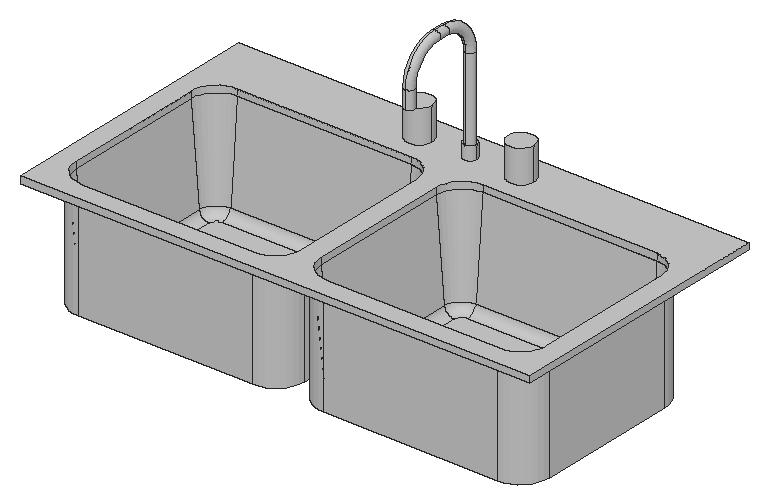
Revit family
Parameters (values of type "1000 x 535mm")
  Counter Height [instance] = 900 mm
  Depth = 535 mm
  Fixture Material = Metal - Steel, Polished
  Sink Material = Metal - Steel, Polished
  Width = 1000 mm
Reference planes
  plane 1 "Center (Front/Back)": y = -35.755
  plane 2: z = 0
  plane 3 "Center (Left/Right)": x = 15.689
  plane 4: y = 269.845
  plane 5: y = -265.155
  plane 6: x = -484.311
  plane 7: x = 515.689
  plane 8 "Top Of Counter": z = 900
  plane 9: z = 912.7
  plane 10: z = 684.1
  plane 11: y = 155.545
  plane 12: x = -446.211
  plane 13: y = -227.055
  plane 14: x = 477.589
  plane 15: x = -84.311
  plane 16: x = 115.689
  plane 17: y = 212.695
  plane 18: y = 212.695
  plane 19: y = 212.695
  plane 20: z = 1163.525
  plane 21: y = 63.47
  plane 22: z = 976.2
  plane 23: z = 938.1
  plane 24: x = -3.361
  plane 25: x = 34.739
  plane 26: x = -215.261
  plane 27: x = 246.639
Forms (mm)
  Extrusion 1, solid, material "Metal - Steel, Polished" <- "Sink Material"
    sketch origin (0, 0, 0) x (1, 0, 0) y (0, 1, 0)
      loop
        line (-484.311, 269.845) -> (-484.311, -265.155) -> (515.689, -265.155) -> (515.689, 269.845) -> (-484.311, 269.845)
      loop
        arc (-395.411, 155.545) -> (-431.332, 140.666) -> (-446.211, 104.745) r 50.8
        line (-446.211, 104.745) -> (-446.211, -176.255)
        arc (-446.211, -176.255) -> (-431.332, -212.176) -> (-395.411, -227.055) r 50.8
        line (-395.411, -227.055) -> (-54.161, -227.055)
        arc (-54.161, -227.055) -> (-18.24, -212.176) -> (-3.361, -176.255) r 50.8
        line (-3.361, -176.255) -> (-3.361, 104.745)
        arc (-3.361, 104.745) -> (-18.24, 140.666) -> (-54.161, 155.545) r 50.8
        line (-54.161, 155.545) -> (-395.411, 155.545)
      loop
        arc (426.789, -227.055) -> (462.71, -212.176) -> (477.589, -176.255) r 50.8
        line (477.589, -176.255) -> (477.589, 104.745)
        arc (477.589, 104.745) -> (462.71, 140.666) -> (426.789, 155.545) r 50.8
        line (426.789, 155.545) -> (85.539, 155.545)
        arc (85.539, 155.545) -> (49.618, 140.666) -> (34.739, 104.745) r 50.8
        line (34.739, 104.745) -> (34.739, -176.255)
        arc (34.739, -176.255) -> (49.618, -212.176) -> (85.539, -227.055) r 50.8
        line (85.539, -227.055) -> (426.789, -227.055)
    from 900 to 912.7
  Sweep 2, solid, material "Metal - Steel, Polished" <- "Sink Material"
    path origin (0, 0, 0) x (1, 0, 0) y (0, 1, 0)
      loop
        arc (-395.411, 155.545) -> (-431.332, 140.666) -> (-446.211, 104.745) r 50.8
        line (-446.211, 104.745) -> (-446.211, -176.255)
        arc (-446.211, -176.255) -> (-431.332, -212.176) -> (-395.411, -227.055) r 50.8
        line (-395.411, -227.055) -> (-54.161, -227.055)
        arc (-54.161, -227.055) -> (-18.24, -212.176) -> (-3.361, -176.255) r 50.8
        line (-3.361, -176.255) -> (-3.361, 104.745)
        arc (-3.361, 104.745) -> (-18.24, 140.666) -> (-54.161, 155.545) r 50.8
        line (-54.161, 155.545) -> (-395.411, 155.545)
    profile origin (-224.786, 0, 0) x (0, 1, 0) y (0, 0, 1)
      loop
        line (155.545, 900) -> (139.011, 711.015)
        arc (139.011, 711.015) -> (132.904, 698.63) -> (120.034, 693.625) r 19.05
        line (120.034, 693.625) -> (117.445, 693.625) -> (117.445, 684.1) -> (161.895, 684.1) -> (161.895, 900) -> (155.545, 900)
  Extrusion 3, solid, material "Metal - Steel, Polished" <- "Sink Material"
    sketch origin (0, 0, 0) x (1, 0, 0) y (0, 1, 0)
      loop
        arc (-395.411, 117.445) -> (-404.391, 113.726) -> (-408.111, 104.745) r 12.7
        line (-408.111, 104.745) -> (-408.111, -176.255)
        arc (-408.111, -176.255) -> (-404.391, -185.235) -> (-395.411, -188.955) r 12.7
        line (-395.411, -188.955) -> (-54.161, -188.955)
        arc (-54.161, -188.955) -> (-45.181, -185.235) -> (-41.461, -176.255) r 12.7
        line (-41.461, -176.255) -> (-41.461, 104.745)
        arc (-41.461, 104.745) -> (-45.181, 113.726) -> (-54.161, 117.445) r 12.7
        line (-54.161, 117.445) -> (-395.411, 117.445)
      loop
        circle (-215.261, -35.755) r 25.4
    from 684.1 to 693.625
  Extrusion 4, solid, material "Metal - Steel, Polished" <- "Fixture Material"
    sketch origin (0, 0, 0) x (1, 0, 0) y (0, 1, 0)
      loop
        circle (-84.311, 212.695) r 25.4
      loop
        circle (115.689, 212.695) r 25.4
    from 912.7 to 976.2
  Sweep 5, solid, material "Metal - Steel, Polished" <- "Fixture Material"
    path origin (15.689, 0, 0) x (0, 1, 0) y (0, 0, 1)
      loop
        line (212.695, 912.7) -> (212.695, 1100.025)
        arc (212.695, 1100.025) -> (194.097, 1144.926) -> (149.195, 1163.525) r 63.5
        line (149.195, 1163.525) -> (126.97, 1163.525)
        arc (126.97, 1163.525) -> (82.069, 1144.926) -> (63.47, 1100.025) r 63.5
        line (63.47, 1100.025) -> (63.47, 1065.1)
    profile origin (15.689, 0, 1006.363) x (0, -1, 0) y (1, 0, 0)
      loop
        circle (-212.695, 0) r 9.525
  Extrusion 6, solid, material "Metal - Steel, Polished" <- "Fixture Material"
    sketch origin (0, 0, 0) x (1, 0, 0) y (0, 1, 0)
      loop
        circle (15.689, 212.695) r 12.7
    from 912.7 to 938.1
  Sweep 7, solid, material "Metal - Steel, Polished" <- "Sink Material"
    path origin (31.378, 0, 0) x (-1, 0, 0) y (0, -1, 0)
      loop
        line (-395.411, -155.545) -> (-54.161, -155.545)
        arc (-54.161, -155.545) -> (-18.24, -140.666) -> (-3.361, -104.745) r 50.8
        line (-3.361, -104.745) -> (-3.361, 176.255)
        arc (-3.361, 176.255) -> (-18.24, 212.176) -> (-54.161, 227.055) r 50.8
        line (-54.161, 227.055) -> (-395.411, 227.055)
        arc (-395.411, 227.055) -> (-431.332, 212.176) -> (-446.211, 176.255) r 50.8
        line (-446.211, 176.255) -> (-446.211, -104.745)
        arc (-446.211, -104.745) -> (-431.332, -140.666) -> (-395.411, -155.545) r 50.8
    profile origin (256.164, 0, 0) x (0, -1, 0) y (0, 0, 1)
      loop
        line (-155.545, 900) -> (-161.895, 900) -> (-161.895, 684.1) -> (-117.445, 684.1) -> (-117.445, 693.625) -> (-120.034, 693.625)
        arc (-120.034, 693.625) -> (-132.904, 698.63) -> (-139.011, 711.015) r 19.05
        line (-139.011, 711.015) -> (-155.545, 900)
  Extrusion 8, solid, material "Metal - Steel, Polished" <- "Sink Material"
    sketch origin (0, 0, 0) x (1, 0, 0) y (0, 1, 0)
      loop
        arc (85.539, 120.034) -> (76.559, 116.314) -> (72.839, 107.334) r 12.7
        line (72.839, 107.334) -> (72.839, -176.255)
        arc (72.839, -176.255) -> (76.559, -185.235) -> (85.539, -188.955) r 12.7
        line (85.539, -188.955) -> (426.789, -188.955)
        arc (426.789, -188.955) -> (435.769, -185.235) -> (439.489, -176.255) r 12.7
        line (439.489, -176.255) -> (439.489, 107.334)
        arc (439.489, 107.334) -> (435.769, 116.314) -> (426.789, 120.034) r 12.7
        line (426.789, 120.034) -> (85.539, 120.034)
      loop
        circle (246.639, -35.755) r 25.4
    from 684.1 to 693.625
Cuts and joins
  joined: Sweep 5, Extrusion 6
  joined: Sweep 2, Extrusion 3
  joined: Sweep 7, Extrusion 8
Lines and regions (mm)
  Masking region 1
    outline origin (0, 0, 900) x (0, -1, 0) y (1, 0, 0)
      loop
        line (-269.845, -484.311) -> (265.155, -484.311) -> (265.155, 515.689) -> (-269.845, 515.689) -> (-269.845, -484.311)
  symbolic lines
    curve 1: line (-446.211, 104.745, 900) -> (-446.211, -176.255, 900)
    curve 2: line (-395.411, -227.055, 900) -> (-54.161, -227.055, 900)
    curve 3: line (477.589, -176.255, 900) -> (477.589, 104.745, 900)
    curve 4: line (426.789, 155.545, 900) -> (85.539, 155.545, 900)
    curve 5: arc (477.589, 104.745, 900) -> (462.71, 140.666, 900) -> (426.789, 155.545, 900) r 50.8
    curve 6: arc (426.789, -227.055, 900) -> (462.71, -212.176, 900) -> (477.589, -176.255, 900) r 50.8
    curve 7: arc (-446.211, -176.255, 900) -> (-431.332, -212.176, 900) -> (-395.411, -227.055, 900) r 50.8
    curve 8: arc (-395.411, 155.545, 900) -> (-431.332, 140.666, 900) -> (-446.211, 104.745, 900) r 50.8
    curve 9: arc (28.389, 212.695, 900) -> (15.689, 225.395, 900) -> (2.989, 212.695, 900) r 12.7
    curve 10: line (2.989, 212.695, 900) -> (2.989, 15.045, 900)
    curve 11: line (28.389, 212.695, 900) -> (28.389, 15.045, 900)
    curve 12: arc (28.389, 15.045, 900) -> (15.689, 2.345, 900) -> (2.989, 15.045, 900) r 12.7
    curve 13: line (-3.361, 104.745, 900) -> (-3.361, -176.255, 900)
    curve 14: line (34.739, 104.745, 900) -> (34.739, -176.255, 900)
    curve 15: line (85.539, -227.055, 900) -> (426.789, -227.055, 900)
    curve 16: line (-54.161, 155.545, 900) -> (-395.411, 155.545, 900)
    curve 17: arc (85.539, 155.545, 900) -> (49.618, 140.666, 900) -> (34.739, 104.745, 900) r 50.8
    curve 18: arc (34.739, -176.255, 900) -> (49.618, -212.176, 900) -> (85.539, -227.055, 900) r 50.8
    curve 19: arc (-3.361, -176.255, 900) -> (-18.24, -212.176, 900) -> (-54.161, -227.055, 900) r 50.8
    curve 20: arc (-3.361, 104.745, 900) -> (-18.24, 140.666, 900) -> (-54.161, 155.545, 900) r 50.8
    curve 21: arc (-240.661, -35.755, 900) -> (-215.261, -10.355, 900) -> (-189.861, -35.755, 900) r 25.4
    curve 22: arc (-189.861, -35.755, 900) -> (-215.261, -61.155, 900) -> (-240.661, -35.755, 900) r 25.4
    curve 23: arc (221.239, -35.755, 900) -> (246.639, -10.355, 900) -> (272.039, -35.755, 900) r 25.4
    curve 24: arc (272.039, -35.755, 900) -> (246.639, -61.155, 900) -> (221.239, -35.755, 900) r 25.4
    curve 25: arc (-58.911, 212.695, 900) -> (-84.311, 238.095, 900) -> (-109.711, 212.695, 900) r 25.4
    curve 26: arc (-109.711, 212.695, 900) -> (-84.311, 187.295, 900) -> (-58.911, 212.695, 900) r 25.4
    curve 27: arc (141.089, 212.695, 900) -> (115.689, 238.095, 900) -> (90.289, 212.695, 900) r 25.4
    curve 28: arc (90.289, 212.695, 900) -> (115.689, 187.295, 900) -> (141.089, 212.695, 900) r 25.4
Dimensions and locks
  equal spacing: plane 6, plane 3 "Center (Left/Right)", plane 7
  "Width": plane 6 to plane 7
  "Depth": plane 5 to plane 4
  "Counter Height": plane 8 "Top Of Counter" to plane 2
  locked: plane 9 to plane 8 "Top Of Counter" at 12.7
  locked: plane 8 "Top Of Counter" to plane 10 at 215.9
  locked: plane 6 to plane 12 at 38.1
  locked: plane 14 to plane 7 at 38.1
  locked: plane 11 to plane 4 at 114.3
  locked: plane 5 to plane 13 at 38.1
  equal spacing: plane 11, plane 17, plane 4
  equal spacing: plane 11, plane 18, plane 4
  equal spacing: plane 4, plane 19, plane 11
  locked: plane 19 to plane 21 at 149.225
  locked: plane 20 to plane 9 at 250.825
  locked: plane 22 to plane 9 at 63.5
  locked: plane 23 to plane 9 at 25.4
  plane 24 to plane 3 "Center (Left/Right)" to plane 25 = 19.05 mm locked, 19.05 mm locked
  equal spacing: plane 12, plane 26, plane 3 "Center (Left/Right)"
  equal spacing: plane 3 "Center (Left/Right)", plane 27, plane 14
  equal spacing: plane 13, plane 1 "Center (Front/Back)", plane 11
  locked: plane 15 to plane 3 "Center (Left/Right)" at 100
  locked: plane 3 "Center (Left/Right)" to plane 16 at 100
  aligned and locked: Extrusion 1 sketch curve to plane 5
  aligned and locked: plane 7 to Extrusion 1 sketch curve
  aligned and locked: plane 4 to Extrusion 1 sketch curve
  aligned and locked: Extrusion 1 sketch curve to plane 6
  aligned and locked: plane 8 "Top Of Counter" to Extrusion 1
  aligned and locked: Extrusion 1 to plane 9
  aligned and locked: plane 11 to Extrusion 1 sketch curve
  aligned and locked: plane 14 to Extrusion 1 sketch curve
  aligned and locked: Extrusion 1 sketch curve to plane 12
  aligned and locked: Extrusion 1 sketch curve to plane 13
  aligned and locked: plane 11 to Sweep 2 sketch curve
  aligned and locked: Sweep 2 sketch curve to plane 12
  aligned and locked: Sweep 2 sketch curve to plane 13
  aligned and locked: Sweep 2 to Extrusion 3 sketch curve  (x4)
  aligned and locked: plane 10 to Extrusion 3
  aligned and locked: Sweep 2 sketch curve to plane 10
  aligned and locked: plane 8 "Top Of Counter" to Sweep 2 sketch curve
  aligned and locked: Extrusion 4 to Extrusion 1
  aligned and locked: Extrusion 6 to Extrusion 1
  aligned and locked: Sweep 5 sketch curve to plane 19
  aligned and locked: plane 20 to Sweep 5 sketch curve
  aligned and locked: plane 21 to Sweep 5 sketch curve
  aligned and locked: Extrusion 4 to plane 22
  aligned and locked: Extrusion 6 to plane 23
  aligned and locked: Sweep 2 sketch curve to Extrusion 1
  aligned and locked: Sweep 7 sketch curve to plane 14
  aligned and locked: Sweep 7 sketch curve to Extrusion 1
  aligned and locked: Sweep 7 sketch curve to plane 11
  aligned and locked: plane 13 to Sweep 7 sketch curve
  aligned and locked: Extrusion 8 to Sweep 2
  aligned and locked: plane 10 to Extrusion 8
  aligned and locked: curve 21 to Extrusion 3
  aligned and locked: curve 23 to Extrusion 8
  aligned and locked: Extrusion 8 sketch curve to Sweep 7
  aligned and locked: Sweep 7 sketch curve to plane 8 "Top Of Counter"
  aligned and locked: plane 10 to Sweep 7 sketch curve
  aligned and locked: plane 7 to Masking region 1 sketch curve
  aligned and locked: plane 4 to Masking region 1 sketch curve
  aligned and locked: Masking region 1 sketch curve to plane 6
  aligned and locked: Masking region 1 sketch curve to plane 5
  aligned and locked: plane 15 to Extrusion 4 sketch curve
  aligned and locked: plane 17 to Extrusion 4 sketch curve  (x2)
  aligned and locked: plane 16 to Extrusion 4 sketch curve
  aligned and locked: curve 25 to Extrusion 4
  aligned and locked: curve 27 to Extrusion 4
  aligned and locked: Sweep 7 to Extrusion 3
Automatic sketch dimensions
  Sweep 2 sketch curve to profile plane = 0 mm
  profile plane to Sweep 2 sketch curve = 16.534 mm
  Sweep 2 sketch curve to Sweep 2 sketch curve = 18.978 mm
  Sweep 2 sketch curve to Sweep 2 sketch curve = 2.588 mm
  Sweep 2 sketch curve to profile plane = 6.35 mm
  Sweep 2 sketch curve to Sweep 2 sketch curve = 9.525 mm
  Sweep 2 sketch curve to Sweep 2 sketch curve = 17.39 mm
  plane 15 to Extrusion 4 sketch curve = 25.4 mm
  plane 16 to Extrusion 4 sketch curve = 25.4 mm
  Sweep 5 sketch curve to plane 3 "Center (Left/Right)" = 0 mm
  Sweep 5 sketch curve to profile plane = 0 mm
  profile plane to Sweep 5 sketch curve = 9.525 mm
  Extrusion 6 sketch curve to plane 18 = 0 mm
  Extrusion 6 sketch curve to plane 3 "Center (Left/Right)" = 0 mm
  Extrusion 6 sketch curve to plane 3 "Center (Left/Right)" = 12.7 mm
  Sweep 5 sketch curve to plane 9 = 0 mm
  Sweep 5 sketch curve to Sweep 5 sketch curve = 63.5 mm
  plane 11 to Sweep 5 sketch curve = 6.35 mm
  Sweep 5 sketch curve to Sweep 5 sketch curve = 34.925 mm
  Extrusion 1 sketch curve to plane 13 = 0 mm
  Extrusion 1 sketch curve to plane 24 = 0 mm
  Extrusion 1 sketch curve to plane 25 = 0 mm
  Extrusion 1 sketch curve to plane 11 = 0 mm
  Extrusion 1 sketch curve to plane 12 = 50.8 mm  (x2)
  Extrusion 1 sketch curve to plane 3 "Center (Left/Right)" = 69.85 mm  (x2)
  plane 3 "Center (Left/Right)" to Extrusion 1 sketch curve = 69.85 mm  (x2)
  plane 14 to Extrusion 1 sketch curve = 50.8 mm
  Extrusion 1 sketch curve to Extrusion 1 sketch curve = 50.8 mm
  Sweep 2 sketch curve to plane 12 = 50.8 mm  (x2)
  Sweep 2 sketch curve to plane 3 "Center (Left/Right)" = 69.85 mm  (x2)
  plane 14 to Sweep 7 sketch curve = 50.8 mm  (x2)
  Sweep 7 sketch curve to Sweep 7 sketch curve = 50.8 mm
  plane 3 "Center (Left/Right)" to Sweep 7 sketch curve = 69.85 mm
  Extrusion 3 sketch curve to plane 1 "Center (Front/Back)" = 0 mm
  Extrusion 3 sketch curve to plane 26 = 0 mm
  Extrusion 3 sketch curve to Extrusion 3 sketch curve = 12.7 mm  (x4)
  plane 26 to Extrusion 3 sketch curve = 25.4 mm
  Extrusion 8 sketch curve to plane 1 "Center (Front/Back)" = 0 mm
  Extrusion 8 sketch curve to plane 27 = 0 mm
  plane 27 to Extrusion 8 sketch curve = 25.4 mm
  plane 3 "Center (Left/Right)" to Extrusion 8 sketch curve = 69.85 mm  (x2)
  Extrusion 8 sketch curve to Extrusion 8 sketch curve = 12.7 mm  (x2)
  plane 11 to Extrusion 8 sketch curve = 48.212 mm
  Extrusion 8 sketch curve to plane 13 = 50.8 mm
  plane 7 to Extrusion 8 sketch curve = 88.9 mm
  Sweep 7 sketch curve to profile plane = 0 mm
  profile plane to Sweep 7 sketch curve = 6.35 mm
  Sweep 7 sketch curve to profile plane = 16.534 mm
  Sweep 7 sketch curve to Sweep 7 sketch curve = 18.978 mm
  Sweep 7 sketch curve to Sweep 7 sketch curve = 2.588 mm
  Sweep 7 sketch curve to Sweep 7 sketch curve = 1.66 mm
  Sweep 7 sketch curve to Sweep 7 sketch curve = 26.915 mm
  curve 17 to plane 11 = 0 mm
  curve 8 to plane 11 = 0 mm
  curve 5 to plane 14 = 0 mm
  curve 1 to plane 12 = 0 mm
  curve 12 to plane 3 "Center (Left/Right)" = 0 mm
  curve 2 to plane 13 = 0 mm
  curve 18 to plane 13 = 0 mm
  plane 4 to curve 11 = 57.15 mm
  plane 11 to curve 5 = 50.8 mm
  plane 11 to curve 8 = 50.8 mm
  curve 13 to plane 3 "Center (Left/Right)" = 19.05 mm
  curve 14 to curve 13 = 0 mm
  curve 11 to plane 1 "Center (Front/Back)" = 50.8 mm
  plane 3 "Center (Left/Right)" to curve 14 = 19.05 mm
  curve 14 to plane 13 = 50.8 mm
  curve 13 to curve 14 = 0 mm
  curve 1 to plane 13 = 50.8 mm
  curve 6 to plane 13 = 50.8 mm
  curve 9 to plane 3 "Center (Left/Right)" = 12.7 mm
  curve 4 to curve 27 = 4.75 mm
